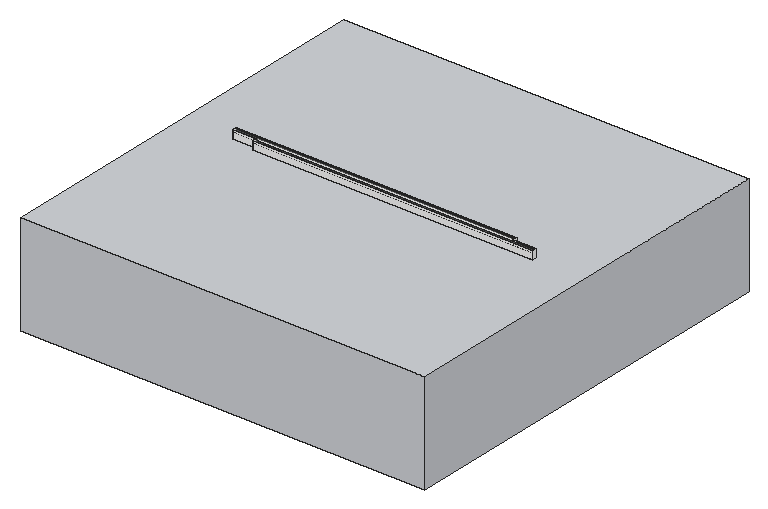
Revit family "CNSS6", category Lighting Fixtures, host Face, Revit 2012
Parameters (values of type "CNSS6")
  Wattage Comments = "129 W"
  Wattage = 9.2903 W
  built-in parameter 1150110 = 1 (stored number, unit not read)
  URL = "http://www.columbialighting.com/"
  built-in parameter 1114217 = 1 (stored number, unit not read)
  Tilt Angle = -90.00°
  built-in parameter 1150109 = 1 (stored number, unit not read)
  built-in parameter 1150134 = 3
  built-in parameter 1150113 = 1 (stored number, unit not read)
  Product Page URL = "http://www.columbialighting.com/products/cncnss"
  Product Documentation Link = "http://www.columbialighting.com/content/products/specs/specs_files/cnss.pdf"
  Photometric Web File = "generic"
  built-in parameter 1150142 = (empty or 0)
  Model = "CNSS6"  # constant formula
  Manufacturer Phone = "864-678-1000"  # constant formula
  Manufacturer Fax = "866-898-1065"  # constant formula
  Manufacturer = "Columbia Lighting"  # constant formula
  built-in parameter 1150105 = 109.82 (stored number, unit not read)
  Lumens = 1380 lm
  built-in parameter 1150115 = 1 (stored number, unit not read)
  built-in parameter 1150137 = (empty or 0)
  built-in parameter 1150139 = (empty or 0)
  built-in parameter 1150112 = 1 (stored number, unit not read)
  built-in parameter 1150114 = 1 (stored number, unit not read)
  Lamp = "F54T5"
  built-in parameter 1150132 = (empty or 0)
  built-in parameter 1150102 = (empty or 0)
  built-in parameter 1150107 = 3200 (stored number, unit not read)
  built-in parameter 1150138 = (empty or 0)
  built-in parameter 1150106 = 1.0982 (stored number, unit not read)
  Glass = Glass
  Emit from Line Length = 36.000"
  built-in parameter 1150104 = 13.8 (stored number, unit not read)
  Dimming Lamp Color Temperature Shift = <None>
  Description = "Narrow strip designed specifically for T5/T5HO applications offers smallest strip luminaire for coves, indirect lighting and other restricted spaces that require high performance."  # constant formula
  Default Elevation = 48.000"
  Color Filter = 16777215
  built-in parameter 1114218 = 1 (stored number, unit not read)
  Ballast = "PAV254T5M"
  Backbox = White
  built-in parameter 1150133 = 10 (stored number, unit not read)
  Apparent Load = 0 VA
Reference planes (in)
  plane 1 "Center (Front/Back)": y = 0.03999
  plane 2: z = 0.06357
  plane 3 "Center (Left/Right)": x = 0.01104
  plane 4: x = -35.98896
  plane 5: x = 36.01104
  plane 6: x = -30.48896
  plane 7: x = 30.51104
  plane 8: y = 1.05666
  plane 9: y = -0.97668
  plane 10: z = 1.93857
  plane 11: z = -0.07573
  plane 12: y = 0.54816
  plane 13: z = 1.50357
  plane 14: y = -0.46818
Forms (in)
  Extrusion 1, solid
    sketch origin (0, 0, 0.06357) x (1, 0, 0) y (0, 1, 0)
      loop
        line (-48, 48) -> (-48, -48) -> (48, -48) -> (48, 48) -> (-48, 48)
    from 0 to -24.06357
  Extrusion 2, solid, material "White" <- "Backbox"
    sketch origin (0, 0, 0.06357) x (1, 0, 0) y (0, 1, 0)
      loop
        line (-35.98896, 1.05666) -> (-35.98896, 0.03999) -> (-30.48896, 0.03999) -> (-30.48896, -0.97668) -> (36.01104, -0.97668) -> (36.01104, 0.03999) -> (30.51104, 0.03999) -> (30.51104, 1.05666) -> (-35.98896, 1.05666)
      loop
        line (-35.92896, 0.09999) -> (-30.42896, 0.09999) -> (-30.42896, -0.91668) -> (35.95104, -0.91668) -> (35.95104, -0.02001) -> (30.45104, -0.02001) -> (30.45104, 0.99666) -> (-35.92896, 0.99666) -> (-35.92896, 0.09999)
    from 0.02312 to 1.875
  Extrusion 3, solid, material "White" <- "Backbox"
    sketch origin (0, 0, 0.06357) x (1, 0, 0) y (0, 1, 0)
      loop
        line (30.51104, 1.05666) -> (-35.92896, 1.05666) -> (-35.92896, 0.03999) -> (-30.48896, 0.03999) -> (-30.48896, -0.97668) -> (36.01104, -0.97668) -> (36.01104, 0.03999) -> (30.51104, 0.03999) -> (30.51104, 1.05666)
    from 0 to 0.02312
  Extrusion 4, solid, material "Glass" <- "Glass"
    sketch origin (0.01104, 0, 0) x (0, 1, 0) y (0, 0, 1)
      loop
        circle (0.54816, 1.50343) r 0.4
    from -35.94 to 30.44
  Extrusion 5, solid, material "Glass" <- "Glass"
    sketch origin (0.01104, 0, 0) x (0, 1, 0) y (0, 0, 1)
      loop
        circle (-0.46818, 1.50343) r 0.4
    from -30.44 to 35.94
Cuts and joins
  joined: Extrusion 2, Extrusion 3
Dimensions and locks (in)
  plane 4 to plane 3 "Center (Left/Right)" = 36.000"
  plane 5 to plane 3 "Center (Left/Right)" = 36.000"
  locked: plane 4 to plane 6 at 5.5
  locked: plane 5 to plane 7 at 5.5
  locked: plane 8 to plane 1 "Center (Front/Back)" at 1.01667
  locked: plane 10 to Extrusion 1 at 1.875
  plane 11 to Extrusion 1 to Extrusion 2 = 0.1393", 0.02312"
  locked: plane 8 to plane 12 at 0.5085
  locked: Extrusion 4 sketch curve to plane 12 at 0
  cut or joined group of Extrusion 2, Extrusion 3 to plane 13 to plane 10 = 1.41688" locked, 0.435" locked
  locked: plane 9 to plane 14 at 0.5085
  locked: cut or joined group of Extrusion 2, Extrusion 3 to plane 5 at 5.56
  Extrusion 2 sketch curve to Extrusion 2 sketch curve = 0.060"
  cut or joined group of Extrusion 2, Extrusion 3 to cut or joined group of Extrusion 2, Extrusion 3 = 0.060"
  aligned and locked: plane 2 to Extrusion 1
  aligned and locked: plane 6 to Extrusion 2 sketch curve
  aligned and locked: Extrusion 2 sketch curve to plane 9
  aligned and locked: plane 5 to Extrusion 2 sketch curve
  aligned and locked: plane 8 to Extrusion 2
  aligned and locked: plane 10 to Extrusion 2
  aligned and locked: Extrusion 2 to Extrusion 3 sketch curve
  aligned and locked: Extrusion 3 sketch curve to Extrusion 2  (x5)
  aligned and locked: Extrusion 3 to level
  aligned and locked: Extrusion 2 to Extrusion 3
  aligned and locked: imposter light to plane 1 "Center (Front/Back)"
  aligned and locked: Extrusion 2 to plane 7
  aligned and locked: plane 1 "Center (Front/Back)" to Extrusion 2
  aligned and locked: Extrusion 5 to cut or joined group of Extrusion 2, Extrusion 3  (x2)
  aligned and locked: Extrusion 4 to cut or joined group of Extrusion 2, Extrusion 3  (x2)
  aligned and locked: cut or joined group of Extrusion 2, Extrusion 3 to plane 6
  aligned and locked: cut or joined group of Extrusion 2, Extrusion 3 to plane 4
  aligned and locked: Extrusion 3 to Extrusion 2
Connectors (in)
  electrical at (0, 0, 0.06357), driven by "Description"
    settings: index 1, voltage 0 V, apparent load 0 VA, apparent load phase1 0 VA, apparent load phase2 0 VA, apparent load phase3 0 VA, power factor 1, load classification "Other", number of poles 1, system type 30, power factor state 1, is connector primary yes, connector utility no, sub classification motor no, connector description "Narrow strip designed specifically for T5/T5HO applications offers smallest strip luminaire for coves, indirect lighting and other restricted spaces that require high performance."
